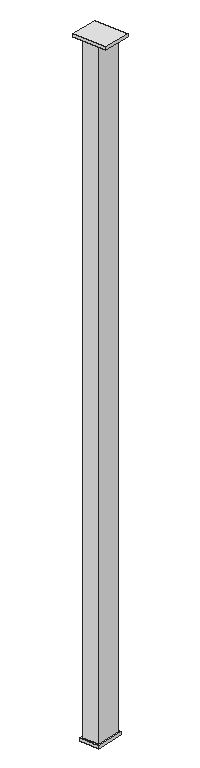
Revit family "Door-Hardware_Exit-Device_Hager_4900", category Specialty Equipment, Revit 2026
Family settings
  Round Connector Dimension = Use Diameter
  Part Type = Normal
  Classification Number = 23.30.40.31
  Work Plane-Based = Yes
  Enable Cutting in Views = No
  Always vertical = No
  Cut with Voids When Loaded = No
  Maintain Annotation Orientation = No
  Shared = Yes
  Room Calculation Point = No
Parameters
  Warranty Duration (Years) = 0
  Upper Plate Extension = if(Keyed, 0' 2 1/8", 0' 1 1/2")  # 0' - 2 1/8"
  URL = "http://www.hagerco.com/"
  Strike Plate Type [instance] = ""
  Standards Conformance = "as Specified"
  Specification = "http://www.arcat.com/sdspecs/htm04/08_71_00hco.htm"
  SpecWizard = ""
  Send Message = ""
  Sales Information = "http://www.hagerco.com/contact-us.aspx"
  Revision = "R1_2015-10"
  Product Properties = ""
  Product Data = "http://www.arcat.com/arcatcos/cos32/arc32922.html"
  Opening Height [instance] = 6' - 8"
  Model = "As Specified"
  Manufacturer Website = "http://www.hagerco.com/"
  Manufacturer Phone - Toll Free = "800-325-9995"
  Manufacturer Phone = "314-772-4400"
  Manufacturer Fax = "800-782-0149"
  Manufacturer Address = "139 Victor St.  St. Louis, MO 63104"
  Manufacturer = "Hager Companies"
  Maintenance Schedule (Months) = 0
  Lower Plate Extension = if(Keyed, 0' 1 1/4", 0' 2")  # 0' - 1 1/4"
  Keynote = "087100"
  Keying Type [instance] = ""
  Keyed = yes
  Installation-Fabrication = ""
  Installation Phase = ""
  Green Building-LEED = ""
  Function Type = ""
  Fixture Finish [instance] = Metal - Standard US Finish as Specified
  Expected Lifespan (Years) = 0
  Drawn By = "Sumex Design, Inc. / Robert S. Weygant, CSI, CDT, SCIP"
  Description = ""
  Default Elevation = 0' - 0"  # constant formula
  Cylinder Type [instance] = ""
  Copyright = "©Arcat Inc."
  Construction Details = ""
  Available Options [instance] = "as Specified"
  Assembly Code = "C1020410"
Reference planes (in)
  plane 1 "Handle CL": y = 0
  plane 2 "Bottom": z = 0
  plane 3 "Center Rig": x = 0
  plane 4: z = 0
  plane 5: z = 80
Forms (in)
  Extrusion 1, solid, material "Metal - Standard US Finish as Specified"
    sketch origin (0, 0, 0) x (1, 0, 0) y (0, 1, 0)
      loop
        line (-1, 1.5) -> (-1, -1.5) -> (1, -1.5) -> (1, 1.5) -> (-1, 1.5)
    from 0 to 80
  Extrusion 2, solid, material "Metal - Standard US Finish as Specified"
    sketch origin (0, 0, 0) x (1, 0, 0) y (0, 1, 0)
      loop
        line (-1.25, 1.75) -> (-1.25, -1.75) -> (1.25, -1.75) -> (1.25, 1.75) -> (-1.25, 1.75)
    from 0 to 0.3125
  Extrusion 3, solid, material "Metal - Standard US Finish as Specified"
    sketch origin (-16.29539, -180, 80) x (-1, 0, 0) y (0, -1, 0)
      loop
        line (-14.17039, -181.75) -> (-14.17039, -178.25) -> (-18.42039, -178.25) -> (-18.42039, -181.75) -> (-14.17039, -181.75)
    from 0 to -0.375
Cuts and joins
  joined: Extrusion 1, Extrusion 2, Extrusion 3
Dimensions and locks (in)
  plane 4 to level = 0' - 0"
  "Lower Plate Extension": Extrusion 2 sketch curve to plane 3 "Center Rig"
  "Lower Plate Extension": plane 3 "Center Rig" to Extrusion 2 sketch curve
  "Opening Height": plane 5 to plane 4
  "Upper Plate Extension": Extrusion 3 sketch curve to plane 3 "Center Rig"
  "Upper Plate Extension": plane 3 "Center Rig" to Extrusion 3 sketch curve
  aligned and locked: plane 5 to Extrusion 1
Automatic sketch dimensions
  Extrusion 1 sketch curve to plane 3 "Center Rig" = 0' - 1"
  plane 3 "Center Rig" to Extrusion 1 sketch curve = 0' - 1"
  plane 1 "Handle CL" to Extrusion 1 sketch curve = 0' - 1 1/2"
  Extrusion 1 sketch curve to plane 1 "Handle CL" = 0' - 1 1/2"
  plane 1 "Handle CL" to Extrusion 2 sketch curve = 0' - 1 3/4"
  Extrusion 2 sketch curve to plane 1 "Handle CL" = 0' - 1 3/4"
  Extrusion 3 sketch curve to plane 1 "Handle CL" = 0' - 1 3/4"
  plane 1 "Handle CL" to Extrusion 3 sketch curve = 0' - 1 3/4"
